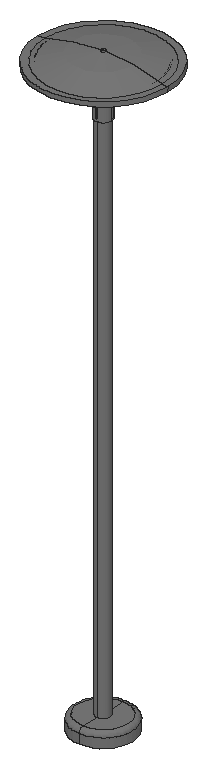
Revit family "88260_HOST_GND", category Lighting Fixtures, host Floor, Revit 2012
Parameters (values of type "Pole Top Luminaires")
  Wattage = 18.1767 W
  built-in parameter 1150110 = 1 (stored number, unit not read)
  URL = "www.bega-us.com"
  built-in parameter 1114217 = 1 (stored number, unit not read)
  Tilt Angle = 90.00°
  built-in parameter 1150109 = 1 (stored number, unit not read)
  built-in parameter 1150134 = 2
  Telephone = "805.684.0533"
  built-in parameter 1150113 = 1 (stored number, unit not read)
  Photometric Web File = "88260.IES"
  Model = "88260"
  Manufacturer = "BEGA-US"
  built-in parameter 1150105 = 214.86 (stored number, unit not read)
  Lumens = 2700 lm
  built-in parameter 1150115 = 1 (stored number, unit not read)
  built-in parameter 1150137 = (empty or 0)
  built-in parameter 1150139 = (empty or 0)
  built-in parameter 1150112 = 1 (stored number, unit not read)
  built-in parameter 1150114 = 1 (stored number, unit not read)
  Lamp = "26W LED"
  built-in parameter 1150132 = 2
  built-in parameter 1150102 = (empty or 0)
  built-in parameter 1150107 = 5000 (stored number, unit not read)
  built-in parameter 1150138 = (empty or 0)
  built-in parameter 1150106 = 2.1486 (stored number, unit not read)
  built-in parameter 1150104 = 13.8 (stored number, unit not read)
  Dimming Lamp Color Temperature Shift = <None>
  Description = "Pole top with diffused widespread distribution"
  Color Filter = 16777215
  built-in parameter 1114218 = 1 (stored number, unit not read)
  built-in parameter 1150133 = 10 (stored number, unit not read)
Reference planes (in)
  plane 1 "Center (Front/Back)": y = 0
  plane 2: z = 0
  plane 3 "Center (Left/Right)": x = 0
Dimensions and locks (in)
  equal spacing: host sketch curve, plane 1 "Center (Front/Back)", host sketch curve
  equal spacing: host sketch curve, plane 3 "Center (Left/Right)", host sketch curve
  host sketch curve to host sketch curve = 10' - 0"  (x2)
  aligned and locked: level to plane 2
Nested families (in)
  nested 1: "8260LED" at (0, 0, 0), type "8260LED"
Connectors (in)
  electrical at (0, 0, 0)
    settings: on host floor, index 1, voltage 0 V, apparent load 0 VA, apparent load phase1 0 VA, apparent load phase2 0 VA, apparent load phase3 0 VA, power factor 1, load classification "Other", number of poles 1, system type 31, power factor state 1, is connector primary yes, connector utility no, sub classification motor no, connector description ""
Definition of nested family "8260LED"
  Reference planes (in)
    plane 1 "Center (Front/Back)": y = 0
    plane 2: z = 0
    plane 3 "Center (Left/Right)": x = 0
  Forms (in)
    Revolve 1, solid, material "Default"
      sketch origin (0, 0, 116) x (1, 0, 0) y (0, 0, 1)
        loop
          arc (12.36932, 10.625) -> (6.45001, 12.0914) -> (0.375, 12.62321) r 39.25
          line (0.375, 12.62321) -> (0.375, 12.6875) -> (0, 12.6875) -> (0, 12.625) -> (0, 12.37322) -> (0.37261, 12.37322)
          arc (0.37261, 12.37322) -> (5.96685, 11.91584) -> (11.4375, 10.66017) r 39
          line (11.4375, 10.66017) -> (11.4375, 9.6875) -> (13.75, 9.6875) -> (13.75, 10.625) -> (12.36932, 10.625)
        loop
          line (0, 0) -> (1.75, 0) -> (1.75, 5.25) -> (0, 5.4375) -> (0, 0)
        axis (0, 0) -> (0, 12.6875)
      angle from 0 to 360
    Revolve 2, solid, material "3-ply opal glass/white glass"
      sketch origin (0, 0, 116) x (1, 0, 0) y (0, 0, 1)
        loop
          arc (0, 7.9375) -> (5.78203, 8.36641) -> (11.4375, 9.64375) r 39.1875
          line (11.4375, 9.64375) -> (11.4375, 10.66017) -> (11.1875, 10.66017) -> (11.1875, 9.82931)
          arc (11.1875, 9.82931) -> (5.65366, 8.60014) -> (0, 8.1875) r 38.9375
          line (0, 8.1875) -> (0, 7.9375)
        axis (0, 10.66017) -> (0, 7.9375)
      angle from 0 to 360
    Extrusion 3, solid, material "Default"
      sketch origin (0, 0, 116) x (1, 0, 0) y (0, 0, 1)
        loop
          line (-1.75, 5.25) -> (-1.9375, 5.25) -> (-11.4375, 9.6875) -> (-13.625, 9.6875) -> (-1.875, 2.5625) -> (-1.875, 0.5625) -> (-1.75, 0.5625) -> (-1.75, 5.25)
        loop
          line (1.75, 5.25) -> (1.75, 0.5625) -> (1.875, 0.5625) -> (1.875, 2.5625) -> (13.625, 9.6875) -> (11.4375, 9.6875) -> (1.9375, 5.25) -> (1.75, 5.25)
      from -0.125 to 0.125
    Extrusion 4, solid, material "Default"
      sketch origin (0, 0, 116) x (0, -1, 0) y (0, 0, 1)
        loop
          line (-1.75, 5.25) -> (-1.9375, 5.25) -> (-11.4375, 9.6875) -> (-13.625, 9.6875) -> (-1.875, 2.5625) -> (-1.875, 0.5625) -> (-1.75, 0.5625) -> (-1.75, 5.25)
        loop
          line (1.75, 5.25) -> (1.75, 0.5625) -> (1.875, 0.5625) -> (1.875, 2.5625) -> (13.625, 9.6875) -> (11.4375, 9.6875) -> (1.9375, 5.25) -> (1.75, 5.25)
      from -0.125 to 0.125
    Revolve 5, solid, material "Default"
      sketch origin (0, 20.625, 126.06446) x (0, 1, 0) y (0, 0, 1)
        loop
          line (-20.625, -10.06446) -> (-22.125, -10.06446) -> (-22.125, -123.06446) -> (-25.9375, -123.06446)
          arc (-25.9375, -123.06446) -> (-26.64461, -123.35736) -> (-26.9375, -124.06446) r 1
          line (-26.9375, -124.06446) -> (-26.9375, -126.06446) -> (-20.625, -126.06446) -> (-20.625, -10.06446)
        axis (-20.625, -126.06446) -> (-20.625, -10.06446)
      angle from 0 to 360
  Dimensions and locks (in)
    aligned and locked: plane 2 to level
